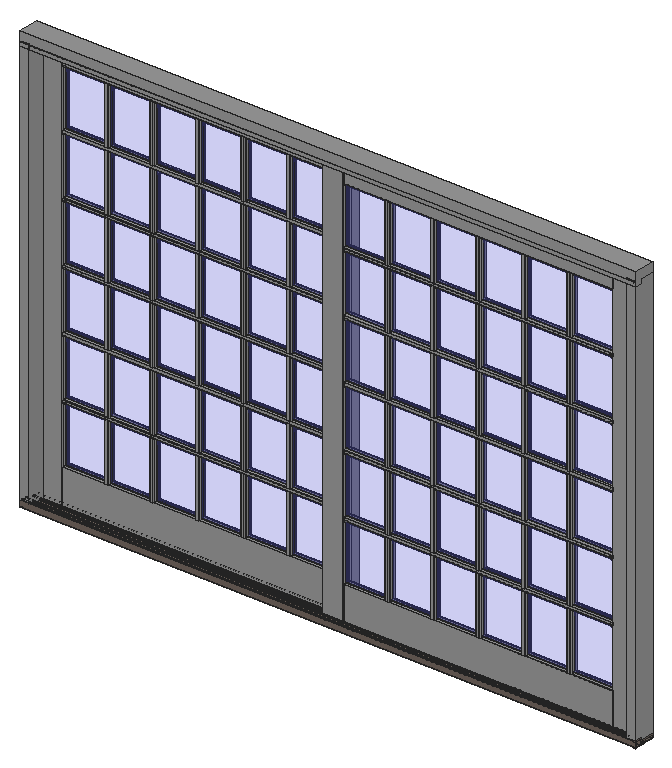
Revit family "VSDA3.0SP LH", category Doors, host Wall, Revit 2015 (continued)
Forms (mm)
  Sweep 31, solid, material "Lauan, Meranti"
    path origin (-860.605, -75, -1078.763) x (-1, 0, 0) y (0, 0, -1)
      loop
        line (302.475, -2740.763) -> (513.395, -2740.763) -> (513.395, -2456.763) -> (302.475, -2456.763) -> (302.475, -2740.763)
    profile origin (-1268.54, -75, 1662) x (0, 0, -1) y (0, -1, 0)
      loop
        line (9, -124.5) -> (0, -124.5) -> (0, -132.5)
        arc (0, -132.5) -> (4.67, -130.866) -> (7, -126.5) r 6.807
        line (7, -126.5) -> (9, -126.5) -> (9, -124.5)
  Sweep 32, solid, material "Lauan, Meranti"
    path origin (-636.685, -75, -1078.763) x (-1, 0, 0) y (0, 0, -1)
      loop
        line (302.475, -2740.763) -> (513.395, -2740.763) -> (513.395, -2456.763) -> (302.475, -2456.763) -> (302.475, -2740.763)
    profile origin (-1044.62, -75, 1662) x (0, 0, -1) y (0, -1, 0)
      loop
        line (9, -124.5) -> (0, -124.5) -> (0, -132.5)
        arc (0, -132.5) -> (4.67, -130.866) -> (7, -126.5) r 6.807
        line (7, -126.5) -> (9, -126.5) -> (9, -124.5)
  Sweep 33, solid, material "Lauan, Meranti"
    path origin (-412.765, -75, -1078.763) x (-1, 0, 0) y (0, 0, -1)
      loop
        line (302.475, -2740.763) -> (513.395, -2740.763) -> (513.395, -2456.763) -> (302.475, -2456.763) -> (302.475, -2740.763)
    profile origin (-820.7, -75, 1662) x (0, 0, -1) y (0, -1, 0)
      loop
        line (9, -124.5) -> (0, -124.5) -> (0, -132.5)
        arc (0, -132.5) -> (4.67, -130.866) -> (7, -126.5) r 6.807
        line (7, -126.5) -> (9, -126.5) -> (9, -124.5)
  Sweep 34, solid, material "Lauan, Meranti"
    path origin (-188.845, -75, -1078.763) x (-1, 0, 0) y (0, 0, -1)
      loop
        line (302.475, -2740.763) -> (513.395, -2740.763) -> (513.395, -2456.763) -> (302.475, -2456.763) -> (302.475, -2740.763)
    profile origin (-596.78, -75, 1662) x (0, 0, -1) y (0, -1, 0)
      loop
        line (9, -124.5) -> (0, -124.5) -> (0, -132.5)
        arc (0, -132.5) -> (4.67, -130.866) -> (7, -126.5) r 6.807
        line (7, -126.5) -> (9, -126.5) -> (9, -124.5)
  Sweep 35, solid, material "Lauan, Meranti"
    path origin (35.075, -75, -1078.763) x (-1, 0, 0) y (0, 0, -1)
      loop
        line (302.475, -2740.763) -> (513.395, -2740.763) -> (513.395, -2456.763) -> (302.475, -2456.763) -> (302.475, -2740.763)
    profile origin (-372.86, -75, 1662) x (0, 0, -1) y (0, -1, 0)
      loop
        line (9, -124.5) -> (0, -124.5) -> (0, -132.5)
        arc (0, -132.5) -> (4.67, -130.866) -> (7, -126.5) r 6.807
        line (7, -126.5) -> (9, -126.5) -> (9, -124.5)
  Sweep 36, solid, material "Lauan, Meranti"
    path origin (258.995, -75, -1078.763) x (-1, 0, 0) y (0, 0, -1)
      loop
        line (302.475, -2740.763) -> (513.395, -2740.763) -> (513.395, -2456.763) -> (302.475, -2456.763) -> (302.475, -2740.763)
    profile origin (-148.94, -75, 1662) x (0, 0, -1) y (0, -1, 0)
      loop
        line (9, -124.5) -> (0, -124.5) -> (0, -132.5)
        arc (0, -132.5) -> (4.67, -130.866) -> (7, -126.5) r 6.807
        line (7, -126.5) -> (9, -126.5) -> (9, -124.5)
  Sweep 37, solid, material "Lauan, Meranti"
    path origin (-860.605, -75, -1375.763) x (-1, 0, 0) y (0, 0, -1)
      loop
        line (302.475, -2740.763) -> (513.395, -2740.763) -> (513.395, -2456.763) -> (302.475, -2456.763) -> (302.475, -2740.763)
    profile origin (-1268.54, -75, 1365) x (0, 0, -1) y (0, -1, 0)
      loop
        line (9, -124.5) -> (0, -124.5) -> (0, -132.5)
        arc (0, -132.5) -> (4.67, -130.866) -> (7, -126.5) r 6.807
        line (7, -126.5) -> (9, -126.5) -> (9, -124.5)
  Sweep 38, solid, material "Lauan, Meranti"
    path origin (-636.685, -75, -1375.763) x (-1, 0, 0) y (0, 0, -1)
      loop
        line (302.475, -2740.763) -> (513.395, -2740.763) -> (513.395, -2456.763) -> (302.475, -2456.763) -> (302.475, -2740.763)
    profile origin (-1044.62, -75, 1365) x (0, 0, -1) y (0, -1, 0)
      loop
        line (9, -124.5) -> (0, -124.5) -> (0, -132.5)
        arc (0, -132.5) -> (4.67, -130.866) -> (7, -126.5) r 6.807
        line (7, -126.5) -> (9, -126.5) -> (9, -124.5)
  Sweep 39, solid, material "Lauan, Meranti"
    path origin (-412.765, -75, -1375.763) x (-1, 0, 0) y (0, 0, -1)
      loop
        line (302.475, -2740.763) -> (513.395, -2740.763) -> (513.395, -2456.763) -> (302.475, -2456.763) -> (302.475, -2740.763)
    profile origin (-820.7, -75, 1365) x (0, 0, -1) y (0, -1, 0)
      loop
        line (9, -124.5) -> (0, -124.5) -> (0, -132.5)
        arc (0, -132.5) -> (4.67, -130.866) -> (7, -126.5) r 6.807
        line (7, -126.5) -> (9, -126.5) -> (9, -124.5)
  Sweep 40, solid, material "Lauan, Meranti"
    path origin (-188.845, -75, -1375.763) x (-1, 0, 0) y (0, 0, -1)
      loop
        line (302.475, -2740.763) -> (513.395, -2740.763) -> (513.395, -2456.763) -> (302.475, -2456.763) -> (302.475, -2740.763)
    profile origin (-596.78, -75, 1365) x (0, 0, -1) y (0, -1, 0)
      loop
        line (9, -124.5) -> (0, -124.5) -> (0, -132.5)
        arc (0, -132.5) -> (4.67, -130.866) -> (7, -126.5) r 6.807
        line (7, -126.5) -> (9, -126.5) -> (9, -124.5)
  Sweep 41, solid, material "Lauan, Meranti"
    path origin (35.075, -75, -1375.763) x (-1, 0, 0) y (0, 0, -1)
      loop
        line (302.475, -2740.763) -> (513.395, -2740.763) -> (513.395, -2456.763) -> (302.475, -2456.763) -> (302.475, -2740.763)
    profile origin (-372.86, -75, 1365) x (0, 0, -1) y (0, -1, 0)
      loop
        line (9, -124.5) -> (0, -124.5) -> (0, -132.5)
        arc (0, -132.5) -> (4.67, -130.866) -> (7, -126.5) r 6.807
        line (7, -126.5) -> (9, -126.5) -> (9, -124.5)
  Sweep 42, solid, material "Lauan, Meranti"
    path origin (258.995, -75, -1375.763) x (-1, 0, 0) y (0, 0, -1)
      loop
        line (302.475, -2740.763) -> (513.395, -2740.763) -> (513.395, -2456.763) -> (302.475, -2456.763) -> (302.475, -2740.763)
    profile origin (-148.94, -75, 1365) x (0, 0, -1) y (0, -1, 0)
      loop
        line (9, -124.5) -> (0, -124.5) -> (0, -132.5)
        arc (0, -132.5) -> (4.67, -130.866) -> (7, -126.5) r 6.807
        line (7, -126.5) -> (9, -126.5) -> (9, -124.5)
  Sweep 43, solid, material "Lauan, Meranti"
    path origin (-860.605, -75, -1672.763) x (-1, 0, 0) y (0, 0, -1)
      loop
        line (302.475, -2740.763) -> (513.395, -2740.763) -> (513.395, -2456.763) -> (302.475, -2456.763) -> (302.475, -2740.763)
    profile origin (-1268.54, -75, 1068) x (0, 0, -1) y (0, -1, 0)
      loop
        line (9, -124.5) -> (0, -124.5) -> (0, -132.5)
        arc (0, -132.5) -> (4.67, -130.866) -> (7, -126.5) r 6.807
        line (7, -126.5) -> (9, -126.5) -> (9, -124.5)
  Sweep 44, solid, material "Lauan, Meranti"
    path origin (-636.685, -75, -1672.763) x (-1, 0, 0) y (0, 0, -1)
      loop
        line (302.475, -2740.763) -> (513.395, -2740.763) -> (513.395, -2456.763) -> (302.475, -2456.763) -> (302.475, -2740.763)
    profile origin (-1044.62, -75, 1068) x (0, 0, -1) y (0, -1, 0)
      loop
        line (9, -124.5) -> (0, -124.5) -> (0, -132.5)
        arc (0, -132.5) -> (4.67, -130.866) -> (7, -126.5) r 6.807
        line (7, -126.5) -> (9, -126.5) -> (9, -124.5)
  Sweep 45, solid, material "Lauan, Meranti"
    path origin (-412.765, -75, -1672.763) x (-1, 0, 0) y (0, 0, -1)
      loop
        line (302.475, -2740.763) -> (513.395, -2740.763) -> (513.395, -2456.763) -> (302.475, -2456.763) -> (302.475, -2740.763)
    profile origin (-820.7, -75, 1068) x (0, 0, -1) y (0, -1, 0)
      loop
        line (9, -124.5) -> (0, -124.5) -> (0, -132.5)
        arc (0, -132.5) -> (4.67, -130.866) -> (7, -126.5) r 6.807
        line (7, -126.5) -> (9, -126.5) -> (9, -124.5)
  Sweep 46, solid, material "Lauan, Meranti"
    path origin (-188.845, -75, -1672.763) x (-1, 0, 0) y (0, 0, -1)
      loop
        line (302.475, -2740.763) -> (513.395, -2740.763) -> (513.395, -2456.763) -> (302.475, -2456.763) -> (302.475, -2740.763)
    profile origin (-596.78, -75, 1068) x (0, 0, -1) y (0, -1, 0)
      loop
        line (9, -124.5) -> (0, -124.5) -> (0, -132.5)
        arc (0, -132.5) -> (4.67, -130.866) -> (7, -126.5) r 6.807
        line (7, -126.5) -> (9, -126.5) -> (9, -124.5)
  Sweep 47, solid, material "Lauan, Meranti"
    path origin (35.075, -75, -1672.763) x (-1, 0, 0) y (0, 0, -1)
      loop
        line (302.475, -2740.763) -> (513.395, -2740.763) -> (513.395, -2456.763) -> (302.475, -2456.763) -> (302.475, -2740.763)
    profile origin (-372.86, -75, 1068) x (0, 0, -1) y (0, -1, 0)
      loop
        line (9, -124.5) -> (0, -124.5) -> (0, -132.5)
        arc (0, -132.5) -> (4.67, -130.866) -> (7, -126.5) r 6.807
        line (7, -126.5) -> (9, -126.5) -> (9, -124.5)
  Sweep 48, solid, material "Lauan, Meranti"
    path origin (258.995, -75, -1672.763) x (-1, 0, 0) y (0, 0, -1)
      loop
        line (302.475, -2740.763) -> (513.395, -2740.763) -> (513.395, -2456.763) -> (302.475, -2456.763) -> (302.475, -2740.763)
    profile origin (-148.94, -75, 1068) x (0, 0, -1) y (0, -1, 0)
      loop
        line (9, -124.5) -> (0, -124.5) -> (0, -132.5)
        arc (0, -132.5) -> (4.67, -130.866) -> (7, -126.5) r 6.807
        line (7, -126.5) -> (9, -126.5) -> (9, -124.5)
  Sweep 49, solid, material "Lauan, Meranti"
    path origin (-860.605, -75, -1969.763) x (-1, 0, 0) y (0, 0, -1)
      loop
        line (302.475, -2740.763) -> (513.395, -2740.763) -> (513.395, -2456.763) -> (302.475, -2456.763) -> (302.475, -2740.763)
    profile origin (-1268.54, -75, 771) x (0, 0, -1) y (0, -1, 0)
      loop
        line (9, -124.5) -> (0, -124.5) -> (0, -132.5)
        arc (0, -132.5) -> (4.67, -130.866) -> (7, -126.5) r 6.807
        line (7, -126.5) -> (9, -126.5) -> (9, -124.5)
  Sweep 50, solid, material "Lauan, Meranti"
    path origin (-636.685, -75, -1969.763) x (-1, 0, 0) y (0, 0, -1)
      loop
        line (302.475, -2740.763) -> (513.395, -2740.763) -> (513.395, -2456.763) -> (302.475, -2456.763) -> (302.475, -2740.763)
    profile origin (-1044.62, -75, 771) x (0, 0, -1) y (0, -1, 0)
      loop
        line (9, -124.5) -> (0, -124.5) -> (0, -132.5)
        arc (0, -132.5) -> (4.67, -130.866) -> (7, -126.5) r 6.807
        line (7, -126.5) -> (9, -126.5) -> (9, -124.5)
  Sweep 51, solid, material "Lauan, Meranti"
    path origin (-412.765, -75, -1969.763) x (-1, 0, 0) y (0, 0, -1)
      loop
        line (302.475, -2740.763) -> (513.395, -2740.763) -> (513.395, -2456.763) -> (302.475, -2456.763) -> (302.475, -2740.763)
    profile origin (-820.7, -75, 771) x (0, 0, -1) y (0, -1, 0)
      loop
        line (9, -124.5) -> (0, -124.5) -> (0, -132.5)
        arc (0, -132.5) -> (4.67, -130.866) -> (7, -126.5) r 6.807
        line (7, -126.5) -> (9, -126.5) -> (9, -124.5)
  Sweep 52, solid, material "Lauan, Meranti"
    path origin (-188.845, -75, -1969.763) x (-1, 0, 0) y (0, 0, -1)
      loop
        line (302.475, -2740.763) -> (513.395, -2740.763) -> (513.395, -2456.763) -> (302.475, -2456.763) -> (302.475, -2740.763)
    profile origin (-596.78, -75, 771) x (0, 0, -1) y (0, -1, 0)
      loop
        line (9, -124.5) -> (0, -124.5) -> (0, -132.5)
        arc (0, -132.5) -> (4.67, -130.866) -> (7, -126.5) r 6.807
        line (7, -126.5) -> (9, -126.5) -> (9, -124.5)
  Sweep 53, solid, material "Lauan, Meranti"
    path origin (35.075, -75, -1969.763) x (-1, 0, 0) y (0, 0, -1)
      loop
        line (302.475, -2740.763) -> (513.395, -2740.763) -> (513.395, -2456.763) -> (302.475, -2456.763) -> (302.475, -2740.763)
    profile origin (-372.86, -75, 771) x (0, 0, -1) y (0, -1, 0)
      loop
        line (9, -124.5) -> (0, -124.5) -> (0, -132.5)
        arc (0, -132.5) -> (4.67, -130.866) -> (7, -126.5) r 6.807
        line (7, -126.5) -> (9, -126.5) -> (9, -124.5)
  Sweep 54, solid, material "Lauan, Meranti"
    path origin (258.995, -75, -1969.763) x (-1, 0, 0) y (0, 0, -1)
      loop
        line (302.475, -2740.763) -> (513.395, -2740.763) -> (513.395, -2456.763) -> (302.475, -2456.763) -> (302.475, -2740.763)
    profile origin (-148.94, -75, 771) x (0, 0, -1) y (0, -1, 0)
      loop
        line (9, -124.5) -> (0, -124.5) -> (0, -132.5)
        arc (0, -132.5) -> (4.67, -130.866) -> (7, -126.5) r 6.807
        line (7, -126.5) -> (9, -126.5) -> (9, -124.5)
  Sweep 55, solid, material "Lauan, Meranti"
    path origin (-860.605, -75, -2266.763) x (-1, 0, 0) y (0, 0, -1)
      loop
        line (302.475, -2740.763) -> (513.395, -2740.763) -> (513.395, -2456.763) -> (302.475, -2456.763) -> (302.475, -2740.763)
    profile origin (-1268.54, -75, 474) x (0, 0, -1) y (0, -1, 0)
      loop
        line (9, -124.5) -> (0, -124.5) -> (0, -132.5)
        arc (0, -132.5) -> (4.67, -130.866) -> (7, -126.5) r 6.807
        line (7, -126.5) -> (9, -126.5) -> (9, -124.5)
  Sweep 56, solid, material "Lauan, Meranti"
    path origin (-636.685, -75, -2266.763) x (-1, 0, 0) y (0, 0, -1)
      loop
        line (302.475, -2740.763) -> (513.395, -2740.763) -> (513.395, -2456.763) -> (302.475, -2456.763) -> (302.475, -2740.763)
    profile origin (-1044.62, -75, 474) x (0, 0, -1) y (0, -1, 0)
      loop
        line (9, -124.5) -> (0, -124.5) -> (0, -132.5)
        arc (0, -132.5) -> (4.67, -130.866) -> (7, -126.5) r 6.807
        line (7, -126.5) -> (9, -126.5) -> (9, -124.5)
  Sweep 57, solid, material "Lauan, Meranti"
    path origin (-412.765, -75, -2266.763) x (-1, 0, 0) y (0, 0, -1)
      loop
        line (302.475, -2740.763) -> (513.395, -2740.763) -> (513.395, -2456.763) -> (302.475, -2456.763) -> (302.475, -2740.763)
    profile origin (-820.7, -75, 474) x (0, 0, -1) y (0, -1, 0)
      loop
        line (9, -124.5) -> (0, -124.5) -> (0, -132.5)
        arc (0, -132.5) -> (4.67, -130.866) -> (7, -126.5) r 6.807
        line (7, -126.5) -> (9, -126.5) -> (9, -124.5)
  Sweep 58, solid, material "Lauan, Meranti"
    path origin (-188.845, -75, -2266.763) x (-1, 0, 0) y (0, 0, -1)
      loop
        line (302.475, -2740.763) -> (513.395, -2740.763) -> (513.395, -2456.763) -> (302.475, -2456.763) -> (302.475, -2740.763)
    profile origin (-596.78, -75, 474) x (0, 0, -1) y (0, -1, 0)
      loop
        line (9, -124.5) -> (0, -124.5) -> (0, -132.5)
        arc (0, -132.5) -> (4.67, -130.866) -> (7, -126.5) r 6.807
        line (7, -126.5) -> (9, -126.5) -> (9, -124.5)
  Sweep 59, solid, material "Lauan, Meranti"
    path origin (35.075, -75, -2266.763) x (-1, 0, 0) y (0, 0, -1)
      loop
        line (302.475, -2740.763) -> (513.395, -2740.763) -> (513.395, -2456.763) -> (302.475, -2456.763) -> (302.475, -2740.763)
    profile origin (-372.86, -75, 474) x (0, 0, -1) y (0, -1, 0)
      loop
        line (9, -124.5) -> (0, -124.5) -> (0, -132.5)
        arc (0, -132.5) -> (4.67, -130.866) -> (7, -126.5) r 6.807
        line (7, -126.5) -> (9, -126.5) -> (9, -124.5)
  Sweep 60, solid, material "Lauan, Meranti"
    path origin (258.995, -75, -2266.763) x (-1, 0, 0) y (0, 0, -1)
      loop
        line (302.475, -2740.763) -> (513.395, -2740.763) -> (513.395, -2456.763) -> (302.475, -2456.763) -> (302.475, -2740.763)
    profile origin (-148.94, -75, 474) x (0, 0, -1) y (0, -1, 0)
      loop
        line (9, -124.5) -> (0, -124.5) -> (0, -132.5)
        arc (0, -132.5) -> (4.67, -130.866) -> (7, -126.5) r 6.807
        line (7, -126.5) -> (9, -126.5) -> (9, -124.5)
  Sweep 61, solid, material "Lauan, Meranti"
    path origin (1430.308, -121.5, -781.763) x (-1, 0, 0) y (0, 0, -1)
      loop
        line (280.228, -2740.763) -> (491.148, -2740.763) -> (491.148, -2456.763) -> (280.228, -2456.763) -> (280.228, -2740.763)
    profile origin (1044.62, -121.5, 1959) x (0, 0, -1) y (0, -1, 0)
      loop
        line (9, -124.5) -> (0, -124.5) -> (0, -132.5)
        arc (0, -132.5) -> (4.67, -130.866) -> (7, -126.5) r 6.807
        line (7, -126.5) -> (9, -126.5) -> (9, -124.5)
  Sweep 62, solid, material "Lauan, Meranti"
    path origin (1206.388, -121.5, -781.763) x (-1, 0, 0) y (0, 0, -1)
      loop
        line (280.228, -2740.763) -> (491.148, -2740.763) -> (491.148, -2456.763) -> (280.228, -2456.763) -> (280.228, -2740.763)
    profile origin (820.7, -121.5, 1959) x (0, 0, -1) y (0, -1, 0)
      loop
        line (9, -124.5) -> (0, -124.5) -> (0, -132.5)
        arc (0, -132.5) -> (4.67, -130.866) -> (7, -126.5) r 6.807
        line (7, -126.5) -> (9, -126.5) -> (9, -124.5)
  Sweep 63, solid, material "Lauan, Meranti"
    path origin (982.468, -121.5, -781.763) x (-1, 0, 0) y (0, 0, -1)
      loop
        line (280.228, -2740.763) -> (491.148, -2740.763) -> (491.148, -2456.763) -> (280.228, -2456.763) -> (280.228, -2740.763)
    profile origin (596.78, -121.5, 1959) x (0, 0, -1) y (0, -1, 0)
      loop
        line (9, -124.5) -> (0, -124.5) -> (0, -132.5)
        arc (0, -132.5) -> (4.67, -130.866) -> (7, -126.5) r 6.807
        line (7, -126.5) -> (9, -126.5) -> (9, -124.5)
  Sweep 64, solid, material "Lauan, Meranti"
    path origin (758.548, -121.5, -781.763) x (-1, 0, 0) y (0, 0, -1)
      loop
        line (280.228, -2740.763) -> (491.148, -2740.763) -> (491.148, -2456.763) -> (280.228, -2456.763) -> (280.228, -2740.763)
    profile origin (372.86, -121.5, 1959) x (0, 0, -1) y (0, -1, 0)
      loop
        line (9, -124.5) -> (0, -124.5) -> (0, -132.5)
        arc (0, -132.5) -> (4.67, -130.866) -> (7, -126.5) r 6.807
        line (7, -126.5) -> (9, -126.5) -> (9, -124.5)
  Sweep 65, solid, material "Lauan, Meranti"
    path origin (534.628, -121.5, -781.763) x (-1, 0, 0) y (0, 0, -1)
      loop
        line (280.228, -2740.763) -> (491.148, -2740.763) -> (491.148, -2456.763) -> (280.228, -2456.763) -> (280.228, -2740.763)
    profile origin (148.94, -121.5, 1959) x (0, 0, -1) y (0, -1, 0)
      loop
        line (9, -124.5) -> (0, -124.5) -> (0, -132.5)
        arc (0, -132.5) -> (4.67, -130.866) -> (7, -126.5) r 6.807
        line (7, -126.5) -> (9, -126.5) -> (9, -124.5)
  Sweep 66, solid, material "Lauan, Meranti"
    path origin (1654.228, -121.5, -1078.763) x (-1, 0, 0) y (0, 0, -1)
      loop
        line (280.228, -2740.763) -> (491.148, -2740.763) -> (491.148, -2456.763) -> (280.228, -2456.763) -> (280.228, -2740.763)
    profile origin (1268.54, -121.5, 1662) x (0, 0, -1) y (0, -1, 0)
      loop
        line (9, -124.5) -> (0, -124.5) -> (0, -132.5)
        arc (0, -132.5) -> (4.67, -130.866) -> (7, -126.5) r 6.807
        line (7, -126.5) -> (9, -126.5) -> (9, -124.5)
  Sweep 67, solid, material "Lauan, Meranti"
    path origin (1430.308, -121.5, -1078.763) x (-1, 0, 0) y (0, 0, -1)
      loop
        line (280.228, -2740.763) -> (491.148, -2740.763) -> (491.148, -2456.763) -> (280.228, -2456.763) -> (280.228, -2740.763)
    profile origin (1044.62, -121.5, 1662) x (0, 0, -1) y (0, -1, 0)
      loop
        line (9, -124.5) -> (0, -124.5) -> (0, -132.5)
        arc (0, -132.5) -> (4.67, -130.866) -> (7, -126.5) r 6.807
        line (7, -126.5) -> (9, -126.5) -> (9, -124.5)
  Sweep 68, solid, material "Lauan, Meranti"
    path origin (1206.388, -121.5, -1078.763) x (-1, 0, 0) y (0, 0, -1)
      loop
        line (280.228, -2740.763) -> (491.148, -2740.763) -> (491.148, -2456.763) -> (280.228, -2456.763) -> (280.228, -2740.763)
    profile origin (820.7, -121.5, 1662) x (0, 0, -1) y (0, -1, 0)
      loop
        line (9, -124.5) -> (0, -124.5) -> (0, -132.5)
        arc (0, -132.5) -> (4.67, -130.866) -> (7, -126.5) r 6.807
        line (7, -126.5) -> (9, -126.5) -> (9, -124.5)
  Sweep 69, solid, material "Lauan, Meranti"
    path origin (982.468, -121.5, -1078.763) x (-1, 0, 0) y (0, 0, -1)
      loop
        line (280.228, -2740.763) -> (491.148, -2740.763) -> (491.148, -2456.763) -> (280.228, -2456.763) -> (280.228, -2740.763)
    profile origin (596.78, -121.5, 1662) x (0, 0, -1) y (0, -1, 0)
      loop
        line (9, -124.5) -> (0, -124.5) -> (0, -132.5)
        arc (0, -132.5) -> (4.67, -130.866) -> (7, -126.5) r 6.807
        line (7, -126.5) -> (9, -126.5) -> (9, -124.5)
  Sweep 70, solid, material "Lauan, Meranti"
    path origin (758.548, -121.5, -1078.763) x (-1, 0, 0) y (0, 0, -1)
      loop
        line (280.228, -2740.763) -> (491.148, -2740.763) -> (491.148, -2456.763) -> (280.228, -2456.763) -> (280.228, -2740.763)
    profile origin (372.86, -121.5, 1662) x (0, 0, -1) y (0, -1, 0)
      loop
        line (9, -124.5) -> (0, -124.5) -> (0, -132.5)
        arc (0, -132.5) -> (4.67, -130.866) -> (7, -126.5) r 6.807
        line (7, -126.5) -> (9, -126.5) -> (9, -124.5)
  Sweep 71, solid, material "Lauan, Meranti"
    path origin (534.628, -121.5, -1078.763) x (-1, 0, 0) y (0, 0, -1)
      loop
        line (280.228, -2740.763) -> (491.148, -2740.763) -> (491.148, -2456.763) -> (280.228, -2456.763) -> (280.228, -2740.763)
    profile origin (148.94, -121.5, 1662) x (0, 0, -1) y (0, -1, 0)
      loop
        line (9, -124.5) -> (0, -124.5) -> (0, -132.5)
        arc (0, -132.5) -> (4.67, -130.866) -> (7, -126.5) r 6.807
        line (7, -126.5) -> (9, -126.5) -> (9, -124.5)
  Sweep 72, solid, material "Lauan, Meranti"
    path origin (1654.228, -121.5, -1375.763) x (-1, 0, 0) y (0, 0, -1)
      loop
        line (280.228, -2740.763) -> (491.148, -2740.763) -> (491.148, -2456.763) -> (280.228, -2456.763) -> (280.228, -2740.763)
    profile origin (1268.54, -121.5, 1365) x (0, 0, -1) y (0, -1, 0)
      loop
        line (9, -124.5) -> (0, -124.5) -> (0, -132.5)
        arc (0, -132.5) -> (4.67, -130.866) -> (7, -126.5) r 6.807
        line (7, -126.5) -> (9, -126.5) -> (9, -124.5)
  Sweep 73, solid, material "Lauan, Meranti"
    path origin (1430.308, -121.5, -1375.763) x (-1, 0, 0) y (0, 0, -1)
      loop
        line (280.228, -2740.763) -> (491.148, -2740.763) -> (491.148, -2456.763) -> (280.228, -2456.763) -> (280.228, -2740.763)
    profile origin (1044.62, -121.5, 1365) x (0, 0, -1) y (0, -1, 0)
      loop
        line (9, -124.5) -> (0, -124.5) -> (0, -132.5)
        arc (0, -132.5) -> (4.67, -130.866) -> (7, -126.5) r 6.807
        line (7, -126.5) -> (9, -126.5) -> (9, -124.5)
  Sweep 74, solid, material "Lauan, Meranti"
    path origin (1206.388, -121.5, -1375.763) x (-1, 0, 0) y (0, 0, -1)
      loop
        line (280.228, -2740.763) -> (491.148, -2740.763) -> (491.148, -2456.763) -> (280.228, -2456.763) -> (280.228, -2740.763)
    profile origin (820.7, -121.5, 1365) x (0, 0, -1) y (0, -1, 0)
      loop
        line (9, -124.5) -> (0, -124.5) -> (0, -132.5)
        arc (0, -132.5) -> (4.67, -130.866) -> (7, -126.5) r 6.807
        line (7, -126.5) -> (9, -126.5) -> (9, -124.5)
  Sweep 75, solid, material "Lauan, Meranti"
    path origin (982.468, -121.5, -1375.763) x (-1, 0, 0) y (0, 0, -1)
      loop
        line (280.228, -2740.763) -> (491.148, -2740.763) -> (491.148, -2456.763) -> (280.228, -2456.763) -> (280.228, -2740.763)
    profile origin (596.78, -121.5, 1365) x (0, 0, -1) y (0, -1, 0)
      loop
        line (9, -124.5) -> (0, -124.5) -> (0, -132.5)
        arc (0, -132.5) -> (4.67, -130.866) -> (7, -126.5) r 6.807
        line (7, -126.5) -> (9, -126.5) -> (9, -124.5)
  Sweep 76, solid, material "Lauan, Meranti"
    path origin (758.548, -121.5, -1375.763) x (-1, 0, 0) y (0, 0, -1)
      loop
        line (280.228, -2740.763) -> (491.148, -2740.763) -> (491.148, -2456.763) -> (280.228, -2456.763) -> (280.228, -2740.763)
    profile origin (372.86, -121.5, 1365) x (0, 0, -1) y (0, -1, 0)
      loop
        line (9, -124.5) -> (0, -124.5) -> (0, -132.5)
        arc (0, -132.5) -> (4.67, -130.866) -> (7, -126.5) r 6.807
        line (7, -126.5) -> (9, -126.5) -> (9, -124.5)
  Sweep 77, solid, material "Lauan, Meranti"
    path origin (534.628, -121.5, -1375.763) x (-1, 0, 0) y (0, 0, -1)
      loop
        line (280.228, -2740.763) -> (491.148, -2740.763) -> (491.148, -2456.763) -> (280.228, -2456.763) -> (280.228, -2740.763)
    profile origin (148.94, -121.5, 1365) x (0, 0, -1) y (0, -1, 0)
      loop
        line (9, -124.5) -> (0, -124.5) -> (0, -132.5)
        arc (0, -132.5) -> (4.67, -130.866) -> (7, -126.5) r 6.807
        line (7, -126.5) -> (9, -126.5) -> (9, -124.5)
  Sweep 78, solid, material "Lauan, Meranti"
    path origin (1654.228, -121.5, -1672.763) x (-1, 0, 0) y (0, 0, -1)
      loop
        line (280.228, -2740.763) -> (491.148, -2740.763) -> (491.148, -2456.763) -> (280.228, -2456.763) -> (280.228, -2740.763)
    profile origin (1268.54, -121.5, 1068) x (0, 0, -1) y (0, -1, 0)
      loop
        line (9, -124.5) -> (0, -124.5) -> (0, -132.5)
        arc (0, -132.5) -> (4.67, -130.866) -> (7, -126.5) r 6.807
        line (7, -126.5) -> (9, -126.5) -> (9, -124.5)
  Sweep 79, solid, material "Lauan, Meranti"
    path origin (1430.308, -121.5, -1672.763) x (-1, 0, 0) y (0, 0, -1)
      loop
        line (280.228, -2740.763) -> (491.148, -2740.763) -> (491.148, -2456.763) -> (280.228, -2456.763) -> (280.228, -2740.763)
    profile origin (1044.62, -121.5, 1068) x (0, 0, -1) y (0, -1, 0)
      loop
        line (9, -124.5) -> (0, -124.5) -> (0, -132.5)
        arc (0, -132.5) -> (4.67, -130.866) -> (7, -126.5) r 6.807
        line (7, -126.5) -> (9, -126.5) -> (9, -124.5)
  Sweep 80, solid, material "Lauan, Meranti"
    path origin (1206.388, -121.5, -1672.763) x (-1, 0, 0) y (0, 0, -1)
      loop
        line (280.228, -2740.763) -> (491.148, -2740.763) -> (491.148, -2456.763) -> (280.228, -2456.763) -> (280.228, -2740.763)
    profile origin (820.7, -121.5, 1068) x (0, 0, -1) y (0, -1, 0)
      loop
        line (9, -124.5) -> (0, -124.5) -> (0, -132.5)
        arc (0, -132.5) -> (4.67, -130.866) -> (7, -126.5) r 6.807
        line (7, -126.5) -> (9, -126.5) -> (9, -124.5)
  Sweep 81, solid, material "Lauan, Meranti"
    path origin (982.468, -121.5, -1672.763) x (-1, 0, 0) y (0, 0, -1)
      loop
        line (280.228, -2740.763) -> (491.148, -2740.763) -> (491.148, -2456.763) -> (280.228, -2456.763) -> (280.228, -2740.763)
    profile origin (596.78, -121.5, 1068) x (0, 0, -1) y (0, -1, 0)
      loop
        line (9, -124.5) -> (0, -124.5) -> (0, -132.5)
        arc (0, -132.5) -> (4.67, -130.866) -> (7, -126.5) r 6.807
        line (7, -126.5) -> (9, -126.5) -> (9, -124.5)
  Sweep 82, solid, material "Lauan, Meranti"
    path origin (758.548, -121.5, -1672.763) x (-1, 0, 0) y (0, 0, -1)
      loop
        line (280.228, -2740.763) -> (491.148, -2740.763) -> (491.148, -2456.763) -> (280.228, -2456.763) -> (280.228, -2740.763)
    profile origin (372.86, -121.5, 1068) x (0, 0, -1) y (0, -1, 0)
      loop
        line (9, -124.5) -> (0, -124.5) -> (0, -132.5)
        arc (0, -132.5) -> (4.67, -130.866) -> (7, -126.5) r 6.807
        line (7, -126.5) -> (9, -126.5) -> (9, -124.5)
  Sweep 83, solid, material "Lauan, Meranti"
    path origin (534.628, -121.5, -1672.763) x (-1, 0, 0) y (0, 0, -1)
      loop
        line (280.228, -2740.763) -> (491.148, -2740.763) -> (491.148, -2456.763) -> (280.228, -2456.763) -> (280.228, -2740.763)
    profile origin (148.94, -121.5, 1068) x (0, 0, -1) y (0, -1, 0)
      loop
        line (9, -124.5) -> (0, -124.5) -> (0, -132.5)
        arc (0, -132.5) -> (4.67, -130.866) -> (7, -126.5) r 6.807
        line (7, -126.5) -> (9, -126.5) -> (9, -124.5)
  Sweep 84, solid, material "Lauan, Meranti"
    path origin (1654.228, -121.5, -1969.763) x (-1, 0, 0) y (0, 0, -1)
      loop
        line (280.228, -2740.763) -> (491.148, -2740.763) -> (491.148, -2456.763) -> (280.228, -2456.763) -> (280.228, -2740.763)
    profile origin (1268.54, -121.5, 771) x (0, 0, -1) y (0, -1, 0)
      loop
        line (9, -124.5) -> (0, -124.5) -> (0, -132.5)
        arc (0, -132.5) -> (4.67, -130.866) -> (7, -126.5) r 6.807
        line (7, -126.5) -> (9, -126.5) -> (9, -124.5)
  Sweep 85, solid, material "Lauan, Meranti"
    path origin (1430.308, -121.5, -1969.763) x (-1, 0, 0) y (0, 0, -1)
      loop
        line (280.228, -2740.763) -> (491.148, -2740.763) -> (491.148, -2456.763) -> (280.228, -2456.763) -> (280.228, -2740.763)
    profile origin (1044.62, -121.5, 771) x (0, 0, -1) y (0, -1, 0)
      loop
        line (9, -124.5) -> (0, -124.5) -> (0, -132.5)
        arc (0, -132.5) -> (4.67, -130.866) -> (7, -126.5) r 6.807
        line (7, -126.5) -> (9, -126.5) -> (9, -124.5)
  Sweep 86, solid, material "Lauan, Meranti"
    path origin (1206.388, -121.5, -1969.763) x (-1, 0, 0) y (0, 0, -1)
      loop
        line (280.228, -2740.763) -> (491.148, -2740.763) -> (491.148, -2456.763) -> (280.228, -2456.763) -> (280.228, -2740.763)
    profile origin (820.7, -121.5, 771) x (0, 0, -1) y (0, -1, 0)
      loop
        line (9, -124.5) -> (0, -124.5) -> (0, -132.5)
        arc (0, -132.5) -> (4.67, -130.866) -> (7, -126.5) r 6.807
        line (7, -126.5) -> (9, -126.5) -> (9, -124.5)
  Sweep 87, solid, material "Lauan, Meranti"
    path origin (982.468, -121.5, -1969.763) x (-1, 0, 0) y (0, 0, -1)
      loop
        line (280.228, -2740.763) -> (491.148, -2740.763) -> (491.148, -2456.763) -> (280.228, -2456.763) -> (280.228, -2740.763)
    profile origin (596.78, -121.5, 771) x (0, 0, -1) y (0, -1, 0)
      loop
        line (9, -124.5) -> (0, -124.5) -> (0, -132.5)
        arc (0, -132.5) -> (4.67, -130.866) -> (7, -126.5) r 6.807
        line (7, -126.5) -> (9, -126.5) -> (9, -124.5)
  Sweep 88, solid, material "Lauan, Meranti"
    path origin (758.548, -121.5, -1969.763) x (-1, 0, 0) y (0, 0, -1)
      loop
        line (280.228, -2740.763) -> (491.148, -2740.763) -> (491.148, -2456.763) -> (280.228, -2456.763) -> (280.228, -2740.763)
    profile origin (372.86, -121.5, 771) x (0, 0, -1) y (0, -1, 0)
      loop
        line (9, -124.5) -> (0, -124.5) -> (0, -132.5)
        arc (0, -132.5) -> (4.67, -130.866) -> (7, -126.5) r 6.807
        line (7, -126.5) -> (9, -126.5) -> (9, -124.5)
  Sweep 89, solid, material "Lauan, Meranti"
    path origin (534.628, -121.5, -1969.763) x (-1, 0, 0) y (0, 0, -1)
      loop
        line (280.228, -2740.763) -> (491.148, -2740.763) -> (491.148, -2456.763) -> (280.228, -2456.763) -> (280.228, -2740.763)
    profile origin (148.94, -121.5, 771) x (0, 0, -1) y (0, -1, 0)
      loop
        line (9, -124.5) -> (0, -124.5) -> (0, -132.5)
        arc (0, -132.5) -> (4.67, -130.866) -> (7, -126.5) r 6.807
        line (7, -126.5) -> (9, -126.5) -> (9, -124.5)
  Sweep 90, solid, material "Lauan, Meranti"
    path origin (1654.228, -121.5, -2266.763) x (-1, 0, 0) y (0, 0, -1)
      loop
        line (280.228, -2740.763) -> (491.148, -2740.763) -> (491.148, -2456.763) -> (280.228, -2456.763) -> (280.228, -2740.763)
    profile origin (1268.54, -121.5, 474) x (0, 0, -1) y (0, -1, 0)
      loop
        line (9, -124.5) -> (0, -124.5) -> (0, -132.5)
        arc (0, -132.5) -> (4.67, -130.866) -> (7, -126.5) r 6.807
        line (7, -126.5) -> (9, -126.5) -> (9, -124.5)
  Sweep 91, solid, material "Lauan, Meranti"
    path origin (1430.308, -121.5, -2266.763) x (-1, 0, 0) y (0, 0, -1)
      loop
        line (280.228, -2740.763) -> (491.148, -2740.763) -> (491.148, -2456.763) -> (280.228, -2456.763) -> (280.228, -2740.763)
    profile origin (1044.62, -121.5, 474) x (0, 0, -1) y (0, -1, 0)
      loop
        line (9, -124.5) -> (0, -124.5) -> (0, -132.5)
        arc (0, -132.5) -> (4.67, -130.866) -> (7, -126.5) r 6.807
        line (7, -126.5) -> (9, -126.5) -> (9, -124.5)
  Sweep 92, solid, material "Lauan, Meranti"
    path origin (1206.388, -121.5, -2266.763) x (-1, 0, 0) y (0, 0, -1)
      loop
        line (280.228, -2740.763) -> (491.148, -2740.763) -> (491.148, -2456.763) -> (280.228, -2456.763) -> (280.228, -2740.763)
    profile origin (820.7, -121.5, 474) x (0, 0, -1) y (0, -1, 0)
      loop
        line (9, -124.5) -> (0, -124.5) -> (0, -132.5)
        arc (0, -132.5) -> (4.67, -130.866) -> (7, -126.5) r 6.807
        line (7, -126.5) -> (9, -126.5) -> (9, -124.5)
  Sweep 93, solid, material "Lauan, Meranti"
    path origin (982.468, -121.5, -2266.763) x (-1, 0, 0) y (0, 0, -1)
      loop
        line (280.228, -2740.763) -> (491.148, -2740.763) -> (491.148, -2456.763) -> (280.228, -2456.763) -> (280.228, -2740.763)
    profile origin (596.78, -121.5, 474) x (0, 0, -1) y (0, -1, 0)
      loop
        line (9, -124.5) -> (0, -124.5) -> (0, -132.5)
        arc (0, -132.5) -> (4.67, -130.866) -> (7, -126.5) r 6.807
        line (7, -126.5) -> (9, -126.5) -> (9, -124.5)
  Sweep 94, solid, material "Lauan, Meranti"
    path origin (758.548, -121.5, -2266.763) x (-1, 0, 0) y (0, 0, -1)
      loop
        line (280.228, -2740.763) -> (491.148, -2740.763) -> (491.148, -2456.763) -> (280.228, -2456.763) -> (280.228, -2740.763)
    profile origin (372.86, -121.5, 474) x (0, 0, -1) y (0, -1, 0)
      loop
        line (9, -124.5) -> (0, -124.5) -> (0, -132.5)
        arc (0, -132.5) -> (4.67, -130.866) -> (7, -126.5) r 6.807
        line (7, -126.5) -> (9, -126.5) -> (9, -124.5)
  Sweep 95, solid, material "Lauan, Meranti"
    path origin (534.628, -121.5, -2266.763) x (-1, 0, 0) y (0, 0, -1)
      loop
        line (280.228, -2740.763) -> (491.148, -2740.763) -> (491.148, -2456.763) -> (280.228, -2456.763) -> (280.228, -2740.763)
    profile origin (148.94, -121.5, 474) x (0, 0, -1) y (0, -1, 0)
      loop
        line (9, -124.5) -> (0, -124.5) -> (0, -132.5)
        arc (0, -132.5) -> (4.67, -130.866) -> (7, -126.5) r 6.807
        line (7, -126.5) -> (9, -126.5) -> (9, -124.5)
Cuts and joins
  joined: Extrusion 3, Extrusion 5
Lines and regions (mm)
  Opening 1
    outline origin (-5000, 75, 0) x (-1, 0, 0) y (0, 0, 1)
      loop
        line (-6515, 0) -> (-3485, 0) -> (-3485, 2100) -> (-6515, 2100) -> (-6515, 0)
  model lines
    curve 1: line (869.078, 99.5, 925) -> (529.078, 99.5, 925)
    curve 2: line (390, 99.5, 925) -> (529.078, 99.5, 981.191)
    curve 3: line (529.078, 99.5, 981.191) -> (529.078, 99.5, 868.809)
    curve 4: line (390, 99.5, 925) -> (529.078, 99.5, 868.809)
Text (mm)
  text "Exterior" at (-2295.016, 1099.543, 0), in view "Ref. Level"
  text "Exterior" at (0, 1615.38, 3698.081), in view "Left"
  text "Exterior" at (0, 1036.032, 3874.932), in view "Right"
Dimensions and locks
  equal spacing: plane 3 "Left", plane 2 "Center (Left/Right)", plane 4 "Right"
  "Width": plane 3 "Left" to plane 4 "Right"
  "Height": plane 5 to host wall
  host wall to plane 5 = 2100 mm  (x2)
  locked: plane 6 "Exterior" to host wall at 0
  locked: plane 7 "Interior" to host wall
  plane 3 "Left" to plane 4 "Right" = 3030 mm
  aligned and locked: plane 1 to host wall
  aligned and locked: Opening 1 sketch curve to level
  aligned and locked: Extrusion 1 to Extrusion 5
  aligned and locked: Extrusion 5 to Extrusion 1
  aligned and locked: Extrusion 1 to Extrusion 4
  aligned and locked: Extrusion 1 to Extrusion 3
  aligned and locked: Extrusion 2 to Extrusion 3
  aligned and locked: Extrusion 2 to Extrusion 4
  aligned and locked: Sweep 9 sketch curve to Extrusion 8
  aligned and locked: Extrusion 8 to Extrusion 11  (x2)
  aligned and locked: Extrusion 7 to Extrusion 8
Automatic sketch dimensions
  plane 2 "Center (Left/Right)" to curve 2 = 390 mm
  curve 2 to curve 2 = 139.078 mm
  level to curve 4 = 868.809 mm
  curve 3 to curve 2 = 56.191 mm
  curve 3 to curve 3 = 112.382 mm
  curve 1 to curve 1 = 340 mm
  curve 1 to curve 2 = 56.191 mm
  plane 4 "Right" to Opening 1 sketch curve = 0 mm
  plane 3 "Left" to Opening 1 sketch curve = 0 mm
  Opening 1 sketch curve to plane 5 = 0 mm
  Extrusion 1 sketch curve to level = 0 mm
  level to Extrusion 1 sketch curve = 1 mm
  Extrusion 1 sketch curve to host wall = 22.5 mm
  Extrusion 1 sketch curve to Extrusion 1 sketch curve = 1 mm  (x7)
  Extrusion 1 sketch curve to Extrusion 1 sketch curve = 0.5 mm  (x8)
  Extrusion 1 sketch curve to Extrusion 1 sketch curve = 8.551 mm
  Extrusion 1 sketch curve to Extrusion 1 sketch curve = 0.717 mm  (x10)
  Extrusion 1 sketch curve to Extrusion 1 sketch curve = 1.732 mm  (x10)
  Extrusion 1 sketch curve to Extrusion 1 sketch curve = 0 mm  (x24)
  Extrusion 1 sketch curve to Extrusion 1 sketch curve = 3.101 mm  (x3)
  Extrusion 1 sketch curve to Extrusion 1 sketch curve = 6.351 mm
  Extrusion 1 sketch curve to Extrusion 1 sketch curve = 1.5 mm  (x15)
  Extrusion 1 sketch curve to Extrusion 1 sketch curve = 0.7 mm
  level to Extrusion 1 sketch curve = 1.5 mm  (x3)
  Extrusion 1 sketch curve to Extrusion 1 sketch curve = 1.2 mm  (x2)
  Extrusion 1 sketch curve to Extrusion 1 sketch curve = 8.248 mm
  host wall to Extrusion 1 sketch curve = 4.5 mm
  host wall to Extrusion 1 sketch curve = 1.5 mm  (x2)
  Extrusion 1 sketch curve to host wall = 1.817 mm
  Extrusion 1 sketch curve to Extrusion 1 sketch curve = 1.433 mm  (x3)
  Extrusion 1 sketch curve to host wall = 3.75 mm
  Extrusion 1 sketch curve to Extrusion 1 sketch curve = 1.25 mm  (x2)
  Extrusion 1 sketch curve to Extrusion 1 sketch curve = 3.317 mm
  Extrusion 1 sketch curve to Extrusion 1 sketch curve = 4.551 mm
  Extrusion 1 sketch curve to Extrusion 1 sketch curve = 10.551 mm
  Extrusion 1 sketch curve to Extrusion 1 sketch curve = 11 mm
  Extrusion 1 sketch curve to Extrusion 1 sketch curve = 14.5 mm
  Extrusion 1 sketch curve to Extrusion 1 sketch curve = 2 mm  (x5)
  Extrusion 1 sketch curve to Extrusion 1 sketch curve = 0.3 mm
  Extrusion 1 sketch curve to Extrusion 1 sketch curve = 2.5 mm
  Extrusion 1 sketch curve to Extrusion 1 sketch curve = 1.488 mm
  Extrusion 1 sketch curve to Extrusion 1 sketch curve = 1.012 mm
  Extrusion 1 sketch curve to Extrusion 1 sketch curve = 5.5 mm
  Extrusion 1 sketch curve to Extrusion 1 sketch curve = 9 mm
  plane 5 to Extrusion 2 sketch curve = 0 mm
  Extrusion 2 sketch curve to host wall = 22.5 mm
  Extrusion 2 sketch curve to Extrusion 2 sketch curve = 0 mm
  Extrusion 2 sketch curve to Extrusion 2 sketch curve = 3 mm  (x3)
  Extrusion 2 sketch curve to Extrusion 2 sketch curve = 22 mm
  Extrusion 2 sketch curve to Extrusion 2 sketch curve = 7 mm  (x2)
  Extrusion 2 sketch curve to host wall = 32.5 mm
  Extrusion 2 sketch curve to Extrusion 2 sketch curve = 20 mm
  plane 5 to Extrusion 2 sketch curve = 43 mm
  plane 5 to Extrusion 2 sketch curve = 45 mm
  Extrusion 2 sketch curve to Extrusion 2 sketch curve = 2 mm
  Extrusion 2 sketch curve to Extrusion 2 sketch curve = 13.5 mm
  Extrusion 2 sketch curve to Extrusion 2 sketch curve = 3.5 mm
  Extrusion 3 sketch curve to plane 4 "Right" = 0 mm
  Extrusion 3 sketch curve to plane 3 "Left" = 0 mm
  Extrusion 3 sketch curve to plane 4 "Right" = 43 mm
  host wall to Extrusion 3 sketch curve = 22.5 mm  (x3)
  Extrusion 3 sketch curve to Extrusion 3 sketch curve = 45 mm  (x2)
  Extrusion 3 sketch curve to Extrusion 3 sketch curve = 2 mm
  host wall to Extrusion 3 sketch curve = 32.5 mm  (x2)
  Extrusion 3 sketch curve to Extrusion 3 sketch curve = 20 mm
  Extrusion 4 sketch curve to plane 4 "Right" = 43 mm
  Extrusion 4 sketch curve to Extrusion 4 sketch curve = 3 mm  (x2)
  Extrusion 4 sketch curve to Extrusion 4 sketch curve = 15.5 mm
  Extrusion 4 sketch curve to Extrusion 4 sketch curve = 3.5 mm
  host wall to Extrusion 4 sketch curve = 32.5 mm
  Extrusion 4 sketch curve to Extrusion 4 sketch curve = 0 mm
  Extrusion 4 sketch curve to Extrusion 4 sketch curve = 7 mm
  Extrusion 4 sketch curve to Extrusion 4 sketch curve = 17 mm
  Extrusion 4 sketch curve to Extrusion 4 sketch curve = 13 mm
  Extrusion 5 sketch curve to plane 4 "Right" = 0 mm
  Extrusion 5 sketch curve to plane 3 "Left" = 0 mm
  Extrusion 5 sketch curve to Extrusion 5 sketch curve = 43 mm
  Extrusion 5 sketch curve to host wall = 19.5 mm  (x2)
  Extrusion 5 sketch curve to Extrusion 5 sketch curve = 45 mm
  plane 3 "Left" to Extrusion 5 sketch curve = 45 mm
  Extrusion 5 sketch curve to Extrusion 5 sketch curve = 2 mm
  host wall to Extrusion 5 sketch curve = 32.5 mm  (x2)
  Extrusion 5 sketch curve to Extrusion 5 sketch curve = 20 mm  (x2)
  Extrusion 6 sketch curve to host wall = 32.5 mm
  Extrusion 6 sketch curve to Extrusion 6 sketch curve = 0 mm
  Extrusion 6 sketch curve to Extrusion 6 sketch curve = 7 mm
  Extrusion 6 sketch curve to Extrusion 6 sketch curve = 17 mm
  Extrusion 6 sketch curve to Extrusion 6 sketch curve = 3 mm  (x3)
  plane 5 to Extrusion 6 sketch curve = 43 mm
  Extrusion 6 sketch curve to Extrusion 6 sketch curve = 15.5 mm
  Extrusion 6 sketch curve to Extrusion 6 sketch curve = 3.5 mm
  plane 4 "Right" to Extrusion 7 sketch curve = 45 mm
  host wall to Extrusion 7 sketch curve = 13.5 mm
  Extrusion 7 sketch curve to Extrusion 7 sketch curve = 96 mm
  Extrusion 7 sketch curve to Extrusion 7 sketch curve = 0 mm  (x3)
  Extrusion 7 sketch curve to Extrusion 7 sketch curve = 0.473 mm  (x6)
  Extrusion 7 sketch curve to Extrusion 7 sketch curve = 6.527 mm  (x4)
  Extrusion 7 sketch curve to Extrusion 7 sketch curve = 2 mm  (x8)
  host wall to Extrusion 7 sketch curve = 7.5 mm
  plane 2 "Center (Left/Right)" to Extrusion 7 sketch curve = 52.5 mm
  Extrusion 7 sketch curve to plane 2 "Center (Left/Right)" = 43.5 mm
  Extrusion 7 sketch curve to host wall = 4 mm  (x2)
  Extrusion 7 sketch curve to Extrusion 7 sketch curve = 9 mm
  Extrusion 7 sketch curve to host wall = 36 mm
  Extrusion 7 sketch curve to plane 3 "Left" = 150 mm
  Extrusion 7 sketch curve to plane 3 "Left" = 45 mm
  Extrusion 7 sketch curve to Extrusion 7 sketch curve = 30 mm
  Extrusion 7 sketch curve to Extrusion 7 sketch curve = 1.468 mm  (x4)
  Extrusion 7 sketch curve to host wall = 31 mm
  Extrusion 7 sketch curve to Extrusion 7 sketch curve = 6.5 mm
  Extrusion 7 sketch curve to host wall = 24.5 mm
  host wall to Extrusion 7 sketch curve = 5.5 mm
  host wall to Extrusion 7 sketch curve = 15.5 mm  (x2)
  Extrusion 8 sketch curve to host wall = 31 mm  (x7)
  Extrusion 8 sketch curve to Extrusion 8 sketch curve = 2 mm  (x28)
  Extrusion 8 sketch curve to Extrusion 8 sketch curve = 6 mm  (x12)
  Extrusion 8 sketch curve to Extrusion 8 sketch curve = 0.803 mm  (x9)
  Extrusion 8 sketch curve to Extrusion 8 sketch curve = 6.803 mm  (x3)
  Extrusion 8 sketch curve to Extrusion 8 sketch curve = 1.197 mm  (x8)
  Extrusion 8 sketch curve to host wall = 4 mm  (x7)
  plane 5 to Extrusion 8 sketch curve = 45 mm
  Extrusion 8 sketch curve to Extrusion 8 sketch curve = 96 mm
  Extrusion 8 sketch curve to Extrusion 8 sketch curve = 0 mm  (x6)
  Extrusion 8 sketch curve to Extrusion 8 sketch curve = 0.241 mm  (x12)
  Extrusion 8 sketch curve to Extrusion 8 sketch curve = 266 mm  (x5)
  Extrusion 8 sketch curve to Extrusion 8 sketch curve = 6.759 mm  (x6)
  Extrusion 8 sketch curve to Extrusion 8 sketch curve = 13 mm  (x5)
  level to Extrusion 8 sketch curve = 199 mm
  level to Extrusion 8 sketch curve = 19 mm
  Sweep 9 sketch curve to plane 3 "Left" = 351.92 mm
  Sweep 9 sketch curve to plane 3 "Left" = 141 mm
  Sweep 9 sketch curve to Sweep 9 sketch curve = 284 mm
  Sweep 9 sketch curve to profile plane = 0 mm
  Sweep 9 sketch curve to profile plane = 0.241 mm
  Sweep 9 sketch curve to Sweep 9 sketch curve = 6.759 mm
  Sweep 9 sketch curve to Sweep 9 sketch curve = 2 mm  (x2)
  Sweep 9 sketch curve to profile plane = 132.5 mm
  Sweep 9 sketch curve to Sweep 9 sketch curve = 6 mm
  Extrusion 10 sketch curve to plane 2 "Center (Left/Right)" = 43.5 mm
  Extrusion 10 sketch curve to Extrusion 10 sketch curve = 0 mm  (x73)
  Extrusion 10 sketch curve to Extrusion 10 sketch curve = 210.9 mm  (x2)
  Extrusion 10 sketch curve to Extrusion 10 sketch curve = 13 mm  (x40)
  Extrusion 10 sketch curve to Extrusion 10 sketch curve = 210.92 mm  (x16)
  Extrusion 10 sketch curve to plane 3 "Left" = 141 mm  (x4)
  plane 5 to Extrusion 10 sketch curve = 141 mm  (x2)
  Extrusion 10 sketch curve to Extrusion 10 sketch curve = 284 mm  (x5)
  level to Extrusion 10 sketch curve = 190 mm
  host wall to Extrusion 11 sketch curve = 36 mm
  plane 2 "Center (Left/Right)" to Extrusion 11 sketch curve = 245.4 mm
  Extrusion 11 sketch curve to Extrusion 11 sketch curve = 2 mm  (x24)
  Extrusion 11 sketch curve to Extrusion 11 sketch curve = 6.759 mm  (x10)
  host wall to Extrusion 11 sketch curve = 4 mm  (x5)
  Extrusion 11 sketch curve to Extrusion 11 sketch curve = 0.241 mm  (x15)
  Extrusion 11 sketch curve to Extrusion 11 sketch curve = 13 mm  (x5)
  Extrusion 11 sketch curve to Extrusion 11 sketch curve = 0 mm  (x7)
  host wall to Extrusion 11 sketch curve = 34 mm  (x4)
  Extrusion 11 sketch curve to Extrusion 11 sketch curve = 192.92 mm  (x4)
  Extrusion 11 sketch curve to Extrusion 11 sketch curve = 8 mm  (x5)
  Extrusion 11 sketch curve to Extrusion 11 sketch curve = 6 mm  (x6)
  Extrusion 11 sketch curve to Extrusion 11 sketch curve = 1.197 mm  (x3)
  host wall to Extrusion 12 sketch curve = 15.5 mm  (x7)
  Extrusion 12 sketch curve to Extrusion 12 sketch curve = 2 mm  (x28)
  host wall to Extrusion 12 sketch curve = 7.5 mm  (x12)
  host wall to Extrusion 12 sketch curve = 6.697 mm  (x12)
  Extrusion 12 sketch curve to Extrusion 12 sketch curve = 1.197 mm  (x8)
  Extrusion 12 sketch curve to host wall = 24.5 mm  (x7)
  plane 5 to Extrusion 12 sketch curve = 45 mm
  Extrusion 12 sketch curve to Extrusion 12 sketch curve = 96 mm
  Extrusion 12 sketch curve to Extrusion 12 sketch curve = 0 mm  (x6)
  Extrusion 12 sketch curve to Extrusion 12 sketch curve = 0.241 mm  (x12)
  Extrusion 12 sketch curve to Extrusion 12 sketch curve = 266 mm  (x5)
  Extrusion 12 sketch curve to Extrusion 12 sketch curve = 6.759 mm  (x6)
  Extrusion 12 sketch curve to Extrusion 12 sketch curve = 13 mm  (x5)
  level to Extrusion 12 sketch curve = 199 mm
  level to Extrusion 12 sketch curve = 19 mm
  plane 4 "Right" to Extrusion 13 sketch curve = 141 mm  (x3)
  Extrusion 13 sketch curve to Extrusion 13 sketch curve = 0.01 mm
  plane 4 "Right" to Extrusion 13 sketch curve = 141.01 mm
  Extrusion 13 sketch curve to Extrusion 13 sketch curve = 0 mm  (x58)
  Extrusion 13 sketch curve to Extrusion 13 sketch curve = 210.91 mm  (x10)
  Extrusion 13 sketch curve to Extrusion 13 sketch curve = 13 mm  (x27)
  Extrusion 13 sketch curve to Extrusion 13 sketch curve = 13.01 mm  (x15)
  plane 2 "Center (Left/Right)" to Extrusion 13 sketch curve = 43.48 mm  (x2)
  plane 5 to Extrusion 13 sketch curve = 141 mm  (x5)
  Extrusion 13 sketch curve to Extrusion 13 sketch curve = 284 mm  (x2)
  Extrusion 13 sketch curve to Extrusion 13 sketch curve = 283.988 mm  (x6)
  Extrusion 13 sketch curve to Extrusion 13 sketch curve = 13.012 mm  (x10)
  level to Extrusion 13 sketch curve = 190 mm  (x4)
  host wall to Extrusion 14 sketch curve = 7.5 mm  (x4)
  plane 4 "Right" to Extrusion 14 sketch curve = 342.92 mm
  Extrusion 14 sketch curve to Extrusion 14 sketch curve = 2 mm  (x24)
  Extrusion 14 sketch curve to Extrusion 14 sketch curve = 6.759 mm  (x10)
  Extrusion 14 sketch curve to Extrusion 14 sketch curve = 0.241 mm  (x15)
  Extrusion 14 sketch curve to Extrusion 14 sketch curve = 13 mm  (x8)
  Extrusion 14 sketch curve to Extrusion 14 sketch curve = 0 mm  (x2)
  host wall to Extrusion 14 sketch curve = 5.5 mm  (x7)
  Extrusion 14 sketch curve to Extrusion 14 sketch curve = 192.92 mm  (x4)
  Extrusion 14 sketch curve to host wall = 24.5 mm  (x5)
  Extrusion 14 sketch curve to Extrusion 14 sketch curve = 1.197 mm  (x10)
  plane 4 "Right" to Sweep 15 sketch curve = 141 mm
  Sweep 15 sketch curve to Sweep 15 sketch curve = 210.92 mm
  plane 5 to Sweep 15 sketch curve = 141 mm
  Sweep 15 sketch curve to Sweep 15 sketch curve = 284 mm
  Sweep 15 sketch curve to profile plane = 0 mm
  Sweep 15 sketch curve to profile plane = 0.241 mm
  Sweep 15 sketch curve to Sweep 15 sketch curve = 6.759 mm
  Sweep 15 sketch curve to Sweep 15 sketch curve = 2 mm  (x2)
  Sweep 15 sketch curve to profile plane = 132.5 mm
  Sweep 15 sketch curve to Sweep 15 sketch curve = 6 mm
  Extrusion 16 sketch curve to host wall = 36 mm
  Extrusion 16 sketch curve to plane 2 "Center (Left/Right)" = 245.4 mm
  Extrusion 16 sketch curve to Extrusion 16 sketch curve = 2 mm  (x25)
  Extrusion 16 sketch curve to Extrusion 16 sketch curve = 6.759 mm  (x10)
  Extrusion 16 sketch curve to host wall = 4 mm  (x5)
  Extrusion 16 sketch curve to Extrusion 16 sketch curve = 0.241 mm  (x15)
  Extrusion 16 sketch curve to Extrusion 16 sketch curve = 13 mm  (x5)
  Extrusion 16 sketch curve to Extrusion 16 sketch curve = 0 mm  (x10)
  Extrusion 16 sketch curve to host wall = 34 mm  (x4)
  Extrusion 16 sketch curve to Extrusion 16 sketch curve = 192.92 mm  (x4)
  Extrusion 16 sketch curve to Extrusion 16 sketch curve = 1.197 mm  (x10)
  Extrusion 17 sketch curve to host wall = 36 mm
  Extrusion 17 sketch curve to plane 2 "Center (Left/Right)" = 245.4 mm
  Extrusion 17 sketch curve to Extrusion 17 sketch curve = 2 mm  (x25)
  Extrusion 17 sketch curve to Extrusion 17 sketch curve = 6.759 mm  (x10)
  Extrusion 17 sketch curve to host wall = 4 mm  (x5)
  Extrusion 17 sketch curve to Extrusion 17 sketch curve = 0.241 mm  (x15)
  Extrusion 17 sketch curve to Extrusion 17 sketch curve = 13 mm  (x5)
  Extrusion 17 sketch curve to Extrusion 17 sketch curve = 0 mm  (x10)
  Extrusion 17 sketch curve to host wall = 34 mm  (x4)
  Extrusion 17 sketch curve to Extrusion 17 sketch curve = 192.92 mm  (x4)
  Extrusion 17 sketch curve to Extrusion 17 sketch curve = 1.197 mm  (x10)
  Extrusion 18 sketch curve to host wall = 36 mm
  Extrusion 18 sketch curve to plane 2 "Center (Left/Right)" = 245.4 mm
  Extrusion 18 sketch curve to Extrusion 18 sketch curve = 2 mm  (x25)
  Extrusion 18 sketch curve to Extrusion 18 sketch curve = 6.759 mm  (x10)
  Extrusion 18 sketch curve to host wall = 4 mm  (x5)
  Extrusion 18 sketch curve to Extrusion 18 sketch curve = 0.241 mm  (x15)
  Extrusion 18 sketch curve to Extrusion 18 sketch curve = 13 mm  (x5)
  Extrusion 18 sketch curve to Extrusion 18 sketch curve = 0 mm  (x10)
  Extrusion 18 sketch curve to host wall = 34 mm  (x4)
  Extrusion 18 sketch curve to Extrusion 18 sketch curve = 192.92 mm  (x4)
  Extrusion 18 sketch curve to Extrusion 18 sketch curve = 1.197 mm  (x10)
  Extrusion 19 sketch curve to host wall = 36 mm
  Extrusion 19 sketch curve to plane 2 "Center (Left/Right)" = 245.4 mm
  Extrusion 19 sketch curve to Extrusion 19 sketch curve = 2 mm  (x25)
  Extrusion 19 sketch curve to Extrusion 19 sketch curve = 6.759 mm  (x10)
  Extrusion 19 sketch curve to host wall = 4 mm  (x5)
  Extrusion 19 sketch curve to Extrusion 19 sketch curve = 0.241 mm  (x15)
  Extrusion 19 sketch curve to Extrusion 19 sketch curve = 13 mm  (x5)
  Extrusion 19 sketch curve to Extrusion 19 sketch curve = 0 mm  (x10)
  Extrusion 19 sketch curve to host wall = 34 mm  (x4)
  Extrusion 19 sketch curve to Extrusion 19 sketch curve = 192.92 mm  (x4)
  Extrusion 19 sketch curve to Extrusion 19 sketch curve = 1.197 mm  (x10)
  Extrusion 20 sketch curve to host wall = 36 mm
  Extrusion 20 sketch curve to plane 2 "Center (Left/Right)" = 245.4 mm
  Extrusion 20 sketch curve to Extrusion 20 sketch curve = 2 mm  (x25)
  Extrusion 20 sketch curve to Extrusion 20 sketch curve = 6.759 mm  (x10)
  Extrusion 20 sketch curve to host wall = 4 mm  (x5)
  Extrusion 20 sketch curve to Extrusion 20 sketch curve = 0.241 mm  (x15)
  Extrusion 20 sketch curve to Extrusion 20 sketch curve = 13 mm  (x5)
  Extrusion 20 sketch curve to Extrusion 20 sketch curve = 0 mm  (x10)
  Extrusion 20 sketch curve to host wall = 34 mm  (x4)
  Extrusion 20 sketch curve to Extrusion 20 sketch curve = 192.92 mm  (x4)
  Extrusion 20 sketch curve to Extrusion 20 sketch curve = 1.197 mm  (x10)
  Sweep 21 sketch curve to plane 3 "Left" = 575.84 mm
  Sweep 21 sketch curve to Sweep 21 sketch curve = 210.92 mm
  plane 5 to Sweep 21 sketch curve = 141 mm
  Sweep 21 sketch curve to Sweep 21 sketch curve = 284 mm
  Sweep 21 sketch curve to profile plane = 0 mm
  Sweep 21 sketch curve to profile plane = 0.241 mm
  Sweep 21 sketch curve to Sweep 21 sketch curve = 6.759 mm
  Sweep 21 sketch curve to Sweep 21 sketch curve = 2 mm  (x2)
  Sweep 21 sketch curve to profile plane = 132.5 mm
  Sweep 21 sketch curve to Sweep 21 sketch curve = 6 mm
  Sweep 22 sketch curve to plane 2 "Center (Left/Right)" = 715.24 mm
  Sweep 22 sketch curve to Sweep 22 sketch curve = 210.92 mm
  plane 5 to Sweep 22 sketch curve = 141 mm
  Sweep 22 sketch curve to Sweep 22 sketch curve = 284 mm
  Sweep 22 sketch curve to profile plane = 0 mm
  Sweep 22 sketch curve to profile plane = 0.241 mm
  Sweep 22 sketch curve to Sweep 22 sketch curve = 6.759 mm
  Sweep 22 sketch curve to Sweep 22 sketch curve = 2 mm  (x2)
  Sweep 22 sketch curve to profile plane = 132.5 mm
  Sweep 22 sketch curve to Sweep 22 sketch curve = 6 mm
  Sweep 23 sketch curve to plane 2 "Center (Left/Right)" = 491.32 mm
  Sweep 23 sketch curve to Sweep 23 sketch curve = 210.92 mm
  plane 5 to Sweep 23 sketch curve = 141 mm
  Sweep 23 sketch curve to Sweep 23 sketch curve = 284 mm
  Sweep 23 sketch curve to profile plane = 0 mm
  Sweep 23 sketch curve to profile plane = 0.241 mm
  Sweep 23 sketch curve to Sweep 23 sketch curve = 6.759 mm
  Sweep 23 sketch curve to Sweep 23 sketch curve = 2 mm  (x2)
  Sweep 23 sketch curve to profile plane = 132.5 mm
  Sweep 23 sketch curve to Sweep 23 sketch curve = 6 mm
  Sweep 24 sketch curve to plane 2 "Center (Left/Right)" = 267.4 mm
  Sweep 24 sketch curve to Sweep 24 sketch curve = 210.92 mm
  plane 5 to Sweep 24 sketch curve = 141 mm
  Sweep 24 sketch curve to Sweep 24 sketch curve = 284 mm
  Sweep 24 sketch curve to profile plane = 0 mm
  Sweep 24 sketch curve to profile plane = 0.241 mm
  Sweep 24 sketch curve to Sweep 24 sketch curve = 6.759 mm
  Sweep 24 sketch curve to Sweep 24 sketch curve = 2 mm  (x2)
  Sweep 24 sketch curve to profile plane = 132.5 mm
  Sweep 24 sketch curve to Sweep 24 sketch curve = 6 mm
  Sweep 25 sketch curve to plane 2 "Center (Left/Right)" = 43.48 mm
  Sweep 25 sketch curve to Sweep 25 sketch curve = 210.92 mm
  plane 5 to Sweep 25 sketch curve = 141 mm
  Sweep 25 sketch curve to Sweep 25 sketch curve = 284 mm
  Sweep 25 sketch curve to profile plane = 0 mm
  Sweep 25 sketch curve to profile plane = 0.241 mm
  Sweep 25 sketch curve to Sweep 25 sketch curve = 6.759 mm
  Sweep 25 sketch curve to Sweep 25 sketch curve = 2 mm  (x2)
  Sweep 25 sketch curve to profile plane = 132.5 mm
  Sweep 25 sketch curve to Sweep 25 sketch curve = 6 mm
  host wall to Extrusion 26 sketch curve = 7.5 mm  (x4)
  plane 4 "Right" to Extrusion 26 sketch curve = 342.92 mm
  Extrusion 26 sketch curve to Extrusion 26 sketch curve = 2 mm  (x24)
  Extrusion 26 sketch curve to Extrusion 26 sketch curve = 6.759 mm  (x10)
  Extrusion 26 sketch curve to Extrusion 26 sketch curve = 0.241 mm  (x15)
  Extrusion 26 sketch curve to Extrusion 26 sketch curve = 13 mm  (x8)
  Extrusion 26 sketch curve to Extrusion 26 sketch curve = 0 mm  (x2)
  host wall to Extrusion 26 sketch curve = 5.5 mm  (x7)
  Extrusion 26 sketch curve to Extrusion 26 sketch curve = 192.92 mm  (x4)
  Extrusion 26 sketch curve to host wall = 24.5 mm  (x5)
